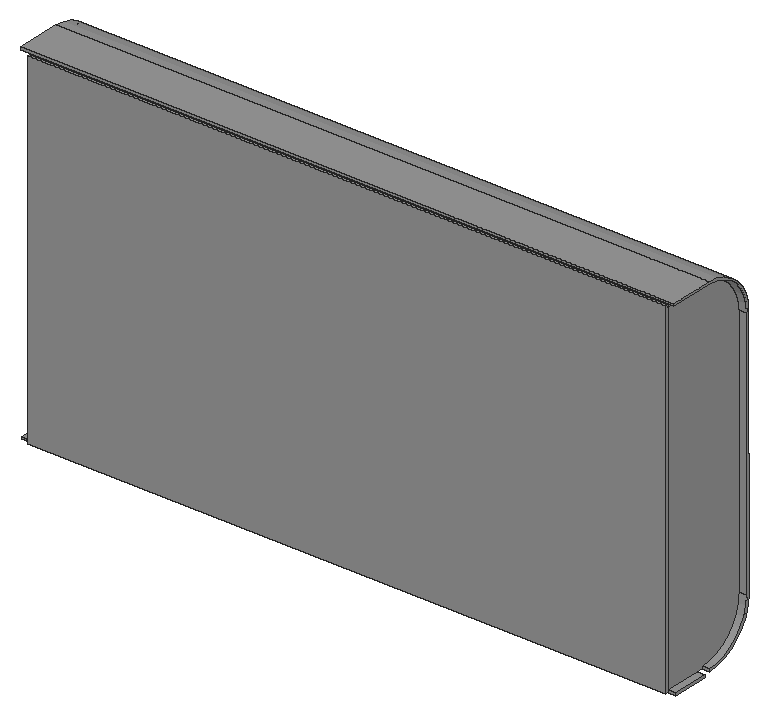
Revit family "3250 Björk_Baby change unit paper dispenser", category Furniture Systems, host Wall, Revit 2018
Family settings
  Host = Wall
  Round Connector Dimension = Use Diameter
  Part Type = Normal
  Always vertical = Yes
  Cut with Voids When Loaded = No
  Shared = No
  Room Calculation Point = No
Parameters (values of type "WHITE")
  URL = "http://www.dandryer.com/en-gb/products/product-line-%E2%80%93-bjork"
  Surface Front = WHITE
  Surface Back = WHITE
  Model = "Baby change unit paper dispenser"
  Manufacturer = "Dan Dryer A/S"
  Description = "Baby change unit paper dispenser"
Reference planes
  plane 1 "Wall": y = 0
  plane 2 "Center (Left/Right)": x = 125
  plane 3 "Back": y = 75
Text (mm)
  text "Placement Side" at (-1848.837, 1116.779, 0), in view "Ref. Level"
  text "Placement side" at (0, 1409.804, 2854.306), in view "Left"
  text "Placement side" at (0, 499.811, 2980.732), in view "Right"
Dimensions and locks
  locked: plane 3 "Back" to host wall
  aligned and locked: plane 1 "Wall" to host wall
  aligned and locked: nested 1 to plane 3 "Back"
  aligned and locked: plane 3 "Back" to nested 1
  aligned and locked: nested 1 to plane 2 "Center (Left/Right)"
Nested families
  nested 1: "Master 3250 Baby change unit paper dispenser" at (125, 75, 1000) x (-1, 0, 0) z (0, 0, 1), type "Master 3250 Baby change unit paper dispenser"
Definition of nested family "Master 3250 Baby change unit paper dispenser"
  Parameters (values of type "Master 3250 Baby change unit paper dispenser")
    Surface Front = none
    Surface Back = none
    Model = "Björk Baby change unit dispenser - 3250"
    Manufacturer = "Dan Dryer"
    Description = "Baby change unit dispenser"
    Cost = 0
  Reference planes
    plane 1 "Center (Front/Back)": y = 0
    plane 2: z = 0
    plane 3 "Center (Left/Right)": x = 0
  Dimensions and locks
    aligned and locked: level to plane 2
    aligned and locked: level to nested 2
    aligned and locked: level to nested 1
    aligned and locked: plane 3 "Center (Left/Right)" to nested 2
    aligned and locked: nested 2 to nested 1
    aligned and locked: plane 1 "Center (Front/Back)" to nested 1
    aligned and locked: nested 2 to plane 1 "Center (Front/Back)"
  Nested families
    nested 1: "Bagplade Komponent" at (0, 0, -1.5), type "Bagplade Komponent"
    nested 2: "Forplade Komponent lukket" at (0, -13.483, 0), type "Forplade Komponent lukket"
  Definition of nested family "Bagplade Komponent"
    Parameters (values of type "Bagplade Komponent")
      Surface Back = none
      Materiale = none
    Reference planes
      plane 1 "Center (Front/Back)": y = 0
      plane 2: z = 0
      plane 3 "Center (Left/Right)": x = 0
    Forms (mm)
      Extrusion 1, solid, material <- "Surface Back"
        sketch origin (0, 0, 79) x (1, 0, 0) y (0, 0, 1)
          loop
            line (-200, -79) -> (200, -79) -> (200, 139) -> (-200, 139) -> (-200, -79)
        from 0 to 1.5
      Extrusion 2, solid, material <- "Surface Back"
        sketch origin (-200, 0, 188) x (0, 0, -1) y (0, -1, 0)
          loop
            line (186.5, 1.5) -> (186.5, 28)
            arc (186.5, 28) -> (178.006, 48.506) -> (157.5, 57) r 29
            line (157.5, 57) -> (-1, 57)
            arc (-1, 57) -> (-21.506, 48.506) -> (-30, 28) r 29
            line (-30, 28) -> (-30, 13.5) -> (-28.5, 13.5) -> (-28.5, 1.5) -> (186.5, 1.5)
        from 0 to -1.5
      Extrusion 3, solid, material <- "Surface Back"
        sketch origin (198.5, 0, 188) x (0, 0, -1) y (0, -1, 0)
          loop
            line (186.5, 1.5) -> (186.5, 28)
            arc (186.5, 28) -> (178.006, 48.506) -> (157.5, 57) r 29
            line (157.5, 57) -> (-1, 57)
            arc (-1, 57) -> (-21.506, 48.506) -> (-30, 28) r 29
            line (-30, 28) -> (-30, 13.5) -> (-28.5, 13.5) -> (-28.5, 1.5) -> (186.5, 1.5)
        from 0 to -1.5
      Extrusion 4, solid, material <- "Surface Back"
        sketch origin (200, 0, 218) x (-1, 0, 0) y (0, -1, 0)
          loop
            line (400, 1.5) -> (400, 13.5) -> (0, 13.5) -> (0, 1.5) -> (400, 1.5)
        from 0 to -1.5
      Extrusion 5, solid, material <- "Surface Back"
        sketch origin (-200, 0, 0) x (0, -1, 0) y (-1, 0, 0)
          loop
            line (1.5, 5) -> (1.5, -32) -> (24.5, -32) -> (24.5, 5) -> (1.5, 5)
        from 0 to -1.5
      Extrusion 6, solid, material <- "Surface Back"
        sketch origin (200, 0, 0) x (0, 1, 0) y (1, 0, 0)
          loop
            line (-1.5, 5) -> (-24.5, 5) -> (-24.5, -32) -> (-1.5, -32) -> (-1.5, 5)
        from 0 to -1.5
      Extrusion 7, solid, material <- "Surface Back"
        sketch origin (-200, 0, 0) x (0, -1, 0) y (-1, 0, 0)
          loop
            line (1.5, -61) -> (1.5, -339) -> (8.5, -339) -> (8.5, -61) -> (1.5, -61)
        from 0 to -1.5
    Dimensions and locks
      aligned and locked: level to plane 2
  Definition of nested family "Forplade Komponent lukket"
    Parameters (values of type "Forplade Komponent lukket")
      Surface Front = none
    Reference planes
      plane 1 "Center (Front/Back)": y = 0
      plane 2: z = 0
      plane 3 "Center (Left/Right)": x = 0
    Forms (mm)
      Extrusion 1, solid, material <- "Surface Front"
        sketch origin (0, 0, 79.75) x (0, 1, 0) y (0, 0, 1)
          loop
            arc (-14.5, -78.25) -> (-35.006, -69.756) -> (-43.5, -49.25) r 29
            line (-43.5, -49.25) -> (-43.5, 109.25)
            arc (-43.5, 109.25) -> (-35.006, 129.756) -> (-14.5, 138.25) r 29
            line (-14.5, 138.25) -> (13.483, 138.25) -> (13.483, 139.75) -> (-14.5, 139.75)
            arc (-14.5, 139.75) -> (-36.067, 130.817) -> (-45, 109.25) r 30.5
            line (-45, 109.25) -> (-45, -49.25)
            arc (-45, -49.25) -> (-36.067, -70.817) -> (-14.5, -79.75) r 30.5
            line (-14.5, -79.75) -> (-14.5, -78.25)
        from -205 to 205
      Extrusion 2, void
        sketch origin (0, 0, 79.75) x (1, 0, 0) y (0, 0, 1)
          loop
            line (-165, -8.116) -> (164.987, -8.116)
            arc (164.987, -8.116) -> (174.987, 1.884) -> (164.987, 11.884) r 10
            line (164.987, 11.884) -> (-165, 11.884)
            arc (-165, 11.884) -> (-175, 1.884) -> (-165, -8.116) r 10
        from 31.755 to 69.02
      Extrusion 3, solid
        sketch origin (0, -45, -42) x (0, 0, 1) y (-1, 0, 0)
          loop
            circle (214.218, 0) r 15
        from 0 to 20
    Cuts and joins
      Extrusion 2 cuts Extrusion 1
    Lines and regions (mm)
      model lines
        curve 1: line (0, -11, -58.5) -> (0, -11, -60)
    Dimensions and locks
      aligned and locked: level to plane 2
